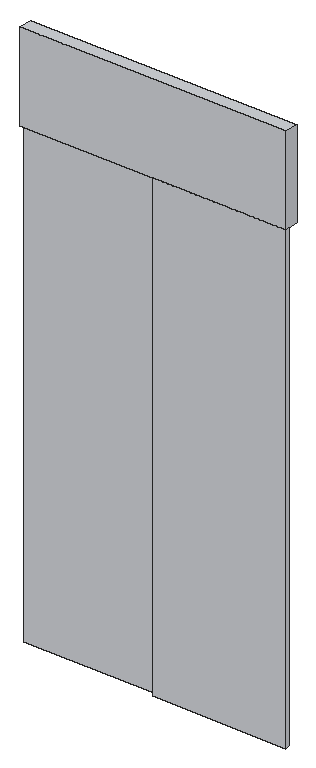
Revit family "Placard Portes Coulissantes", category Modèles génériques, Revit 2018
Family settings
  Peut héberger une armature = Non
  Cote de connecteur circulaire = Utiliser le diamètre
  Type d'élément = Normal
  Couper avec des vides une fois chargée = Non
  Partagée = Non
  Point de calcul de pièce = Non
Parameters
  Profonduer placard [instance] = 500 mm
  Profondeur [instance] = 388.518 mm
  Longueur placard [instance] = 1200 mm
  built-in parameter 1001306 [instance] = 1200 mm
  Hauteur imposte [instance] = 1548.576 mm
  Hauteur Portes [instance] = 2100 mm
Reference planes
  plane 1 "Centre (avant/arrière)": y = 0
  plane 2: z = 0
  plane 3 "Gauche": x = 0
  plane 4 "Droite": x = 1200
  plane 5: y = 500
  plane 6: x = 600
  plane 7: z = 2500
  plane 8: z = 2100
  plane 9: y = 40
  plane 10: y = 60
  plane 11: y = 20
Forms (mm)
  Extrusion 1, solid
    sketch origin (0, 0, 0) x (1, 0, 0) y (0, 0, 1)
      loop
        line (0, 2100) -> (0, 0) -> (600, 0) -> (600, 2100) -> (0, 2100)
    from -20 to -40
  Extrusion 2, solid
    sketch origin (0, 0, 0) x (1, 0, 0) y (0, 0, 1)
      loop
        line (1200, 2100) -> (600, 2100) -> (600, 0) -> (1200, 0) -> (1200, 2100)
    from 0 to -20
  Extrusion 3, solid
    sketch origin (0, 0, 0) x (1, 0, 0) y (0, 0, 1)
      loop
        line (1200, 2500) -> (0, 2500) -> (0, 2100) -> (1200, 2100) -> (1200, 2500)
    from 0 to -60
Lines and regions (mm)
  reference lines
    curve 1: line (0, 0, 0) -> (1200, 0, 0)
  model lines
    curve 2: line (0, 500, 0) -> (1200, 500, 0)
    curve 3: line (0, 0, 0) -> (0, 500, 0)
    curve 4: line (1200, 0, 0) -> (0, 0, 0)
    curve 5: line (1200, 500, 0) -> (1200, 0, 0)
    curve 6: line (0, 0, 0) -> (1200, 500, 0)
    curve 7: line (1200, 0, 0) -> (0, 500, 0)
Dimensions and locks
  "built-in parameter 1001306": plane 3 "Gauche" to plane 4 "Droite"
  plane 7 to plane 8 = 400 mm
  "Hauteur Portes": plane 8 to level
  equal spacing: plane 4 "Droite", plane 6, plane 3 "Gauche"
  "Longueur placard": plane 4 "Droite" to plane 3 "Gauche"
  locked: plane 1 "Centre (avant/arrière)" to plane 10 at 60
  locked: plane 9 to plane 10 at 20
  locked: plane 1 "Centre (avant/arrière)" to plane 11 at 20
  plane 7 to Extrusion 3 = 400 mm
  "Profonduer placard": plane 1 "Centre (avant/arrière)" to plane 5
  aligned and locked: plane 4 "Droite" to curve 1
  aligned and locked: plane 1 "Centre (avant/arrière)" to curve 1
  aligned and locked: plane 3 "Gauche" to curve 1
  aligned and locked: level to plane 2
  aligned and locked: curve 2 to plane 5
  aligned and locked: curve 5 to plane 4 "Droite"
  aligned and locked: plane 3 "Gauche" to curve 3
  aligned and locked: curve 4 to plane 1 "Centre (avant/arrière)"
  aligned and locked: plane 4 "Droite" to curve 7
  aligned and locked: Extrusion 1 sketch curve to plane 8
  aligned and locked: plane 3 "Gauche" to Extrusion 1 sketch curve
  aligned and locked: Extrusion 1 sketch curve to curve 1
  aligned and locked: Extrusion 1 sketch curve to plane 6
  aligned and locked: plane 8 to Extrusion 2 sketch curve
  aligned and locked: plane 4 "Droite" to Extrusion 2 sketch curve
  aligned and locked: Extrusion 2 sketch curve to plane 6
  aligned and locked: Extrusion 2 sketch curve to plane 2
  aligned and locked: Extrusion 3 sketch curve to plane 8
  aligned and locked: Extrusion 3 sketch curve to plane 3 "Gauche"
  aligned and locked: plane 7 to Extrusion 3 sketch curve
  aligned and locked: plane 4 "Droite" to Extrusion 3 sketch curve
  aligned and locked: plane 10 to Extrusion 3
  aligned and locked: plane 11 to Extrusion 1
  aligned and locked: plane 9 to Extrusion 1
  aligned and locked: Extrusion 3 to plane 1 "Centre (avant/arrière)"
  aligned and locked: Extrusion 2 to plane 11
  aligned and locked: plane 1 "Centre (avant/arrière)" to Extrusion 2
